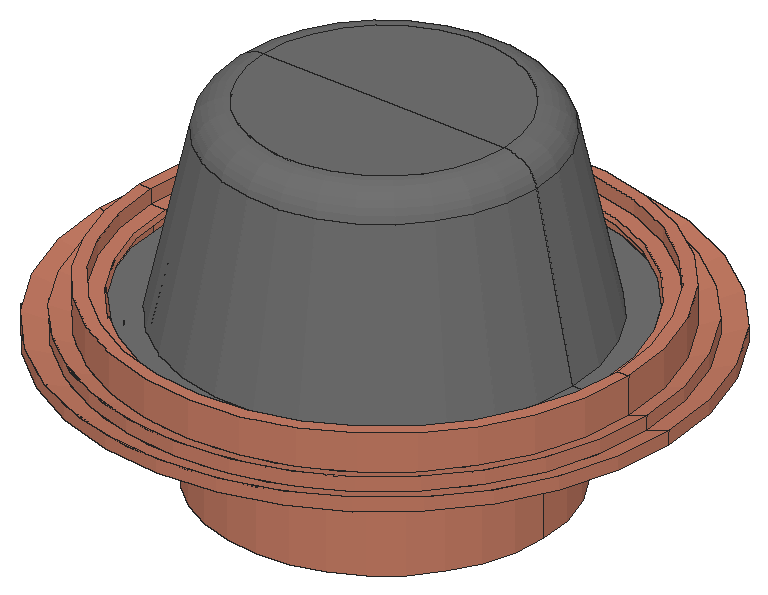
Revit family
Parameters (values of type "1010-08")
  Weight (lb) = 31.09
  Waste Connection = no
  Warranty = "1 year material and workmanship"  # constant formula
  Vent Connection = no
  URL = "http://www.jrsmith.com"
  Threaded = yes
  Technical and Installation = "http://www.jrsmith.com/products/roof/tech_data_index.htm"
  SmartBIM Object Version = 3  # constant formula
  SmartBIM Object Created By = "Reed Construction Data"  # constant formula
  Push On = yes
  Product URL = "http://www.jrsmith.com/products/roof/submittal/d1010.pdf"
  Outlet Diameter = 0' - 8"
  OmniClass Title = "Roof Drains"  # constant formula
  OmniClass Code = "22-22 14 26 13"  # constant formula
  No Hub = yes
  Model = "1010"  # constant formula
  Material Finish = Cast Iron
  Material = Duco coated
  Manufacturer = "Jay R. Smith Mfg. Co. "  # constant formula
  HW Connection = no
  Drain Outlet Radius = Outlet Diameter / 2  # 0' - 4"
  Dome Free Area = "8\""
  Description = "Cast iron body with combined flashing clamp and gravel stop with dome"  # constant formula
  Default Elevation = 0' - 0"
  D Diameter = 1' - 3 1/4"
  Caulk = yes
  CW Connection = no
  Assembly Code = "D2040200"
  95 CSI = "15165"  # constant formula
  04 CSI = "22 14 35"  # constant formula
Types (7): name | Weight (lb) | Outlet Diameter | Drain Outlet Radius | Dome Free Area
  (no name) | 31.09 | 0' - 8" | 0' - 4" | "8\""
  1010-02 | 26.89 | 0' - 2" | 0' - 1" | "2\""
  1010-03 | 26.32 | 0' - 3" | 0' - 1 1/2" | "3\""
  1010-04 | 24.94 | 0' - 4" | 0' - 2" | "4\""
  1010-05 | 26.8 | 0' - 5" | 0' - 2 1/2" | "5\""
  1010-06 | 25.24 | 0' - 6" | 0' - 3" | "6\""
  1010-08 | 31.09 | 0' - 8" | 0' - 4" | "8\""
Reference planes (in)
  plane 1 "Center (Front/Back)": y = 0
  plane 2: z = 0
  plane 3 "Center (Left/Right)": x = 2.3241
  plane 4: x = -5.3009
  plane 5: x = 9.9491
  plane 6: z = -3.42357
  plane 7: z = 0.32643
  plane 8: z = 5.57643
  plane 9: x = 6.3241
Forms (in)
  Revolve 1, solid, material "Cast Iron" <- "Material Finish"
    sketch origin (0, 0, 0) x (1, 0, 0) y (0, 0, 1)
      loop
        line (6.61067, -1.37241) -> (6.78724, -1.37241)
        arc (6.78724, -1.37241) -> (6.95499, -1.3013) -> (7.02754, -1.13417) r 0.24552
        arc (7.02754, -1.13417) -> (7.1014, -0.99107) -> (7.25411, -0.93996) r 0.21404
        line (7.25411, -0.93996) -> (7.98046, -0.93996) -> (8.02306, -0.66205) -> (9.9491, -0.01223) -> (9.9491, 0.32643) -> (9.36325, 0.14118) -> (9.36325, 0.4927) -> (8.88092, 0.33733) -> (8.88092, 1.26952) -> (8.57019, 1.26952) -> (8.57019, 0.907) -> (8.18178, 0.907) -> (8.13323, 0.79048) -> (8.5169, 0.6158) -> (8.5169, 0.18281) -> (8.39095, 0.18281) -> (8.39095, 0.35028) -> (8.0685, 0.35028) -> (8.0685, 0.10429) -> (7.3706, 0.10429) -> (7.3706, -0.45929)
        arc (7.3706, -0.45929) -> (7.30513, -0.61086) -> (7.15228, -0.67327) r 0.21836
        line (7.15228, -0.67327) -> (7.07753, -0.67377)
        arc (7.07753, -0.67377) -> (6.9224, -0.73165) -> (6.84975, -0.88043) r 0.22334
        arc (6.84975, -0.88043) -> (6.77122, -1.01288) -> (6.62318, -1.05521) r 0.2083
        line (6.62318, -1.05521) -> (6.3241, -1.05521) -> (6.3241, -3.42357) -> (6.61067, -3.42357) -> (6.61067, -1.37241)
      axis (2.3241, -3.42357) -> (2.3241, 1.26952)
    angle from 0 to 360
  Revolve 2, solid, material "Duco coated" <- "Material"
    sketch origin (0, 0, 0) x (1, 0, 0) y (0, 0, 1)
      loop
        arc (6.4018, 4.89179) -> (6.09505, 5.38415) -> (5.54776, 5.57643) r 0.875
        line (5.54776, 5.57643) -> (2.3241, 5.57643) -> (2.3241, 5.18802) -> (5.63989, 5.18802)
        arc (5.63989, 5.18802) -> (5.91598, 5.09191) -> (6.07269, 4.84512) r 0.44459
        line (6.07269, 4.84512) -> (7.1865, 0.10429) -> (7.8185, 0.10429) -> (7.8185, 0.35028) -> (8.26751, 0.35028) -> (8.26751, 0.4959) -> (7.38161, 0.4959) -> (6.4018, 4.89179)
      axis (2.3241, 5.57643) -> (2.3241, 0.10429)
    angle from 0 to 360
Lines and regions (in)
  model lines
    curve 1: line (7.41589, -0.19474, 0.4959) -> (6.51845, -0.19474, 4.47583)
    curve 2: line (6.51845, 0.22008, 4.47583) -> (7.41589, 0.22008, 0.4959)
    curve 3: arc (6.51845, 0.22008, 4.47583) -> (6.47282, 0.01267, 4.67816) -> (6.51845, -0.19474, 4.47583) r 0.20741
    curve 7: line (7.28701, -1.15485, 0.4959) -> (6.40579, -0.98501, 4.47583)
    curve 8: line (6.4843, -0.57769, 4.47583) -> (7.36552, -0.74753, 0.4959)
    curve 9: arc (6.4843, -0.57769, 4.47583) -> (6.40025, -0.77271, 4.67816) -> (6.40579, -0.98501, 4.47583) r 0.20741
    curve 10: line (7.36073, 0.7724, 0.4959) -> (6.4795, 0.60256, 4.47583)
    curve 11: line (6.401, 1.00988, 4.47583) -> (7.28222, 1.17973, 0.4959)
    curve 12: arc (6.401, 1.00988, 4.47583) -> (6.39545, 0.79759, 4.67816) -> (6.4795, 0.60256, 4.47583) r 0.20741
    curve 13: line (7.12353, 1.71163, 0.4959) -> (6.29038, 1.37809, 4.47583)
    curve 14: line (6.1362, 1.76319, 4.47583) -> (6.96936, 2.09674, 0.4959)
    curve 15: arc (6.1362, 1.76319, 4.47583) -> (6.17093, 1.55368, 4.67816) -> (6.29038, 1.37809, 4.47583) r 0.20741
    curve 16: line (6.71287, 2.589, 0.4959) -> (5.95789, 2.1038, 4.47583)
    curve 17: line (5.73363, 2.45277, 4.47583) -> (6.4886, 2.93797, 0.4959)
    curve 18: arc (5.73363, 2.45277, 4.47583) -> (5.80738, 2.25362, 4.67816) -> (5.95789, 2.1038, 4.47583) r 0.20741
    curve 19: line (6.14359, 3.37279, 0.4959) -> (5.49408, 2.75349, 4.47583)
    curve 20: line (5.20782, 3.05371, 4.47583) -> (5.85733, 3.67301, 0.4959)
    curve 21: arc (5.20782, 3.05371, 4.47583) -> (5.31793, 2.87211, 4.67816) -> (5.49408, 2.75349, 4.47583) r 0.20741
    curve 22: line (5.43626, 4.03468, 0.4959) -> (4.91569, 3.30365, 4.47583)
    curve 23: line (4.57779, 3.54427, 4.47583) -> (5.09836, 4.2753, 0.4959)
    curve 24: arc (4.57779, 3.54427, 4.47583) -> (4.72028, 3.3868, 4.67816) -> (4.91569, 3.30365, 4.47583) r 0.20741
    curve 25: line (4.61645, 4.55075, 0.4959) -> (4.24364, 3.73441, 4.47583)
    curve 26: line (3.86631, 3.90673, 4.47583) -> (4.23912, 4.72307, 0.4959)
    curve 27: arc (3.86631, 3.90673, 4.47583) -> (4.03602, 3.77907, 4.67816) -> (4.24364, 3.73441, 4.47583) r 0.20741
    curve 28: line (3.71379, 4.90234, 0.4959) -> (3.50221, 4.0302, 4.47583)
    curve 29: line (3.09908, 4.128, 4.47583) -> (3.31066, 5.00014, 0.4959)
    curve 30: arc (3.09908, 4.128, 4.47583) -> (3.28989, 4.03476, 4.67816) -> (3.50221, 4.0302, 4.47583) r 0.20741
    curve 31: line (2.7609, 5.07675, 0.4959) -> (2.7182, 4.18033, 4.47583)
    curve 32: line (2.30385, 4.20007, 4.47583) -> (2.34655, 5.09649, 0.4959)
    curve 33: arc (2.30385, 4.20007, 4.47583) -> (2.50885, 4.14463, 4.67816) -> (2.7182, 4.18033, 4.47583) r 0.20741
    curve 34: line (1.79223, 5.06767, 0.4959) -> (1.91994, 4.17937, 4.47583)
    curve 35: line (1.50935, 4.12033, 4.47583) -> (1.38163, 5.00864, 0.4959)
    curve 36: arc (1.50935, 4.12033, 4.47583) -> (1.72114, 4.10469, 4.67816) -> (1.91994, 4.17937, 4.47583) r 0.20741
    curve 37: line (0.84277, 4.87544, 0.4959) -> (1.1363, 4.02735, 4.47583)
    curve 38: line (0.74429, 3.89168, 4.47583) -> (0.45077, 4.73976, 0.4959)
    curve 39: arc (0.74429, 3.89168, 4.47583) -> (0.95522, 3.9164, 4.67816) -> (1.1363, 4.02735, 4.47583) r 0.20741
    curve 40: line (-0.05314, 4.50699, 0.4959) -> (0.39558, 3.72978, 4.47583)
    curve 41: line (0.03634, 3.52237, 4.47583) -> (-0.41238, 4.29958, 0.4959)
    curve 42: arc (0.03634, 3.52237, 4.47583) -> (0.23877, 3.58657, 4.67816) -> (0.39558, 3.72978, 4.47583) r 0.20741
    curve 43: line (-0.86313, 3.97564, 0.4959) -> (-0.27543, 3.29741, 4.47583)
    curve 44: line (-0.58893, 3.02576, 4.47583) -> (-1.17663, 3.70399, 0.4959)
    curve 45: arc (-0.58893, 3.02576, 4.47583) -> (-0.40231, 3.1271, 4.67816) -> (-0.27543, 3.29741, 4.47583) r 0.20741
    curve 46: line (-1.55793, 3.30061, 0.4959) -> (-0.85249, 2.74585, 4.47583)
    curve 47: line (-1.10892, 2.41978, 4.47583) -> (-1.81436, 2.97454, 0.4959)
    curve 48: arc (-1.10892, 2.41978, 4.47583) -> (-0.94484, 2.55461, 4.67816) -> (-0.85249, 2.74585, 4.47583) r 0.20741
    curve 49: line (-2.11242, 2.50629, 0.4959) -> (-1.31475, 2.09506, 4.47583)
    curve 50: line (-1.50483, 1.72635, 4.47583) -> (-2.3025, 2.13758, 0.4959)
    curve 51: arc (-1.50483, 1.72635, 4.47583) -> (-1.36923, 1.8898, 4.67816) -> (-1.31475, 2.09506, 4.47583) r 0.20741
    curve 52: line (-2.50657, 1.62138, 0.4959) -> (-1.64548, 1.36854, 4.47583)
    curve 53: line (-1.76235, 0.97052, 4.47583) -> (-2.62343, 1.22336, 0.4959)
    curve 54: arc (-1.76235, 0.97052, 4.47583) -> (-1.66014, 1.15668, 4.67816) -> (-1.64548, 1.36854, 4.47583) r 0.20741
    curve 55: line (-2.72612, 0.67787, 0.4959) -> (-1.83274, 0.59256, 4.47583)
    curve 56: line (-1.87217, 0.17962, 4.47583) -> (-2.76555, 0.26492, 0.4959)
    curve 57: arc (-1.87217, 0.17962, 4.47583) -> (-1.80704, 0.38175, 4.67816) -> (-1.83274, 0.59256, 4.47583) r 0.20741
    curve 58: line (-2.76314, -0.29014, 0.4959) -> (-1.86976, -0.20484, 4.47583)
    curve 59: line (-1.83033, -0.61778, 4.47583) -> (-2.72371, -0.70309, 0.4959)
    curve 60: arc (-1.83033, -0.61778, 4.47583) -> (-1.80463, -0.40697, 4.67816) -> (-1.86976, -0.20484, 4.47583) r 0.20741
    curve 61: line (-2.6163, -1.24767, 0.4959) -> (-1.75521, -0.99483, 4.47583)
    curve 62: line (-1.63834, -1.39285, 4.47583) -> (-2.49943, -1.64568, 0.4959)
    curve 63: arc (-1.63834, -1.39285, 4.47583) -> (-1.653, -1.18098, 4.67816) -> (-1.75521, -0.99483, 4.47583) r 0.20741
    curve 64: line (-2.2909, -2.1601, 0.4959) -> (-1.49322, -1.74886, 4.47583)
    curve 65: line (-1.30314, -2.11757, 4.47583) -> (-2.10081, -2.5288, 0.4959)
    curve 66: arc (-1.30314, -2.11757, 4.47583) -> (-1.35763, -1.91231, 4.67816) -> (-1.49322, -1.74886, 4.47583) r 0.20741
    curve 67: line (-1.7987, -2.99445, 0.4959) -> (-1.09326, -2.43969, 4.47583)
    curve 68: line (-0.83684, -2.76576, 4.47583) -> (-1.54227, -3.32052, 0.4959)
    curve 69: arc (-0.83684, -2.76576, 4.47583) -> (-0.92919, -2.57453, 4.67816) -> (-1.09326, -2.43969, 4.47583) r 0.20741
    curve 70: line (-1.15749, -3.72058, 0.4959) -> (-0.56979, -3.04234, 4.47583)
    curve 71: line (-0.25629, -3.31399, 4.47583) -> (-0.84399, -3.99223, 0.4959)
    curve 72: arc (-0.25629, -3.31399, 4.47583) -> (-0.38316, -3.14369, 4.67816) -> (-0.56979, -3.04234, 4.47583) r 0.20741
    curve 73: line (-0.39045, -4.31224, 0.4959) -> (0.05827, -3.53504, 4.47583)
    curve 74: line (0.41752, -3.74245, 4.47583) -> (-0.0312, -4.51965, 0.4959)
    curve 75: arc (0.41752, -3.74245, 4.47583) -> (0.26071, -3.59923, 4.67816) -> (0.05827, -3.53504, 4.47583) r 0.20741
    curve 76: line (0.47471, -4.74805, 0.4959) -> (0.76823, -3.89997, 4.47583)
    curve 77: line (1.16024, -4.03564, 4.47583) -> (0.86671, -4.88372, 0.4959)
    curve 78: arc (1.16024, -4.03564, 4.47583) -> (0.97916, -3.92469, 4.67816) -> (0.76823, -3.89997, 4.47583) r 0.20741
    curve 79: line (1.4067, -5.01224, 0.4959) -> (1.53442, -4.12394, 4.47583)
    curve 80: line (1.94502, -4.18297, 4.47583) -> (1.8173, -5.07128, 0.4959)
    curve 81: arc (1.94502, -4.18297, 4.47583) -> (1.74621, -4.1083, 4.67816) -> (1.53442, -4.12394, 4.47583) r 0.20741
    curve 82: line (2.37185, -5.09528, 0.4959) -> (2.32915, -4.19886, 4.47583)
    curve 83: line (2.7435, -4.17912, 4.47583) -> (2.7862, -5.07555, 0.4959)
    curve 84: arc (2.7435, -4.17912, 4.47583) -> (2.53416, -4.14342, 4.67816) -> (2.32915, -4.19886, 4.47583) r 0.20741
    curve 85: line (3.33528, -4.99417, 0.4959) -> (3.1237, -4.12203, 4.47583)
    curve 86: line (3.52683, -4.02423, 4.47583) -> (3.73841, -4.89637, 0.4959)
    curve 87: arc (3.52683, -4.02423, 4.47583) -> (3.31451, -4.02879, 4.67816) -> (3.1237, -4.12203, 4.47583) r 0.20741
    curve 88: line (4.26216, -4.71255, 0.4959) -> (3.88935, -3.89621, 4.47583)
    curve 89: line (4.26668, -3.72389, 4.47583) -> (4.63949, -4.54023, 0.4959)
    curve 90: arc (4.26668, -3.72389, 4.47583) -> (4.05906, -3.76855, 4.67816) -> (3.88935, -3.89621, 4.47583) r 0.20741
    curve 91: line (5.11899, -4.26061, 0.4959) -> (4.59843, -3.52958, 4.47583)
    curve 92: line (4.93633, -3.28896, 4.47583) -> (5.45689, -4.01999, 0.4959)
    curve 93: arc (4.93633, -3.28896, 4.47583) -> (4.74091, -3.3721, 4.67816) -> (4.59843, -3.52958, 4.47583) r 0.20741
    curve 94: line (5.87481, -3.65468, 0.4959) -> (5.2253, -3.03537, 4.47583)
    curve 95: line (5.51156, -2.73515, 4.47583) -> (6.16107, -3.35446, 0.4959)
    curve 96: arc (5.51156, -2.73515, 4.47583) -> (5.33541, -2.85378, 4.67816) -> (5.2253, -3.03537, 4.47583) r 0.20741
    curve 97: line (6.5023, -2.91666, 0.4959) -> (5.74732, -2.43146, 4.47583)
    curve 98: line (5.97159, -2.08249, 4.47583) -> (6.72656, -2.56769, 0.4959)
    curve 99: arc (5.97159, -2.08249, 4.47583) -> (5.82107, -2.23231, 4.67816) -> (5.74732, -2.43146, 4.47583) r 0.20741
    curve 100: line (6.97877, -2.07322, 0.4959) -> (6.14562, -1.73968, 4.47583)
    curve 101: line (6.29979, -1.35457, 4.47583) -> (7.13294, -1.68811, 0.4959)
    curve 102: arc (6.29979, -1.35457, 4.47583) -> (6.18035, -1.53017, 4.67816) -> (6.14562, -1.73968, 4.47583) r 0.20741
  model lines, not visible
    curve 4: line (7.41589, -0.19474, 0.4959) -> (6.51845, -0.19474, 4.47583)
    curve 5: line (6.51845, 0.22008, 4.47583) -> (7.41589, 0.22008, 0.4959)
    curve 6: arc (6.51845, 0.22008, 4.47583) -> (6.47282, 0.01267, 4.67816) -> (6.51845, -0.19474, 4.47583) r 0.20741
Dimensions and locks (in)
  equal spacing: plane 4, plane 3 "Center (Left/Right)", plane 5
  "D Diameter": plane 4 to plane 5
  plane 7 to plane 6 = 0' - 3 3/4"
  plane 8 to plane 7 = 0' - 5 1/4"
  locked: Revolve 1 sketch curve to Revolve 1 sketch curve at 2.5785
  "Drain Outlet Radius": plane 3 "Center (Left/Right)" to plane 9
  aligned and locked: Revolve 1 sketch curve to plane 5
  aligned and locked: Revolve 2 sketch curve to plane 3 "Center (Left/Right)"
  aligned and locked: plane 3 "Center (Left/Right)" to Revolve 1 sketch curve
  aligned and locked: plane 9 to Revolve 1 sketch curve
Automatic sketch dimensions
  Revolve 1 sketch curve to plane 6 = 0' - 0"
  Revolve 1 sketch curve to level = 0' - 1.05521"
  Revolve 1 sketch curve to Revolve 1 sketch curve = 0' - 0.02082"
  Revolve 1 sketch curve to Revolve 1 sketch curve = 0' - 0.15895"
  Revolve 1 sketch curve to Revolve 1 sketch curve = 0' - 0.00511"
  Revolve 1 sketch curve to Revolve 1 sketch curve = 0' - 0.20576"
  Revolve 1 sketch curve to Revolve 1 sketch curve = 0' - 0.24541"
  Revolve 1 sketch curve to Revolve 1 sketch curve = 0' - 0.22272"
  Revolve 1 sketch curve to Revolve 1 sketch curve = 0' - 0.00506"
  Revolve 1 sketch curve to level = 0' - 0.67327"
  Revolve 1 sketch curve to Revolve 1 sketch curve = 0' - 0.07475"
  Revolve 1 sketch curve to Revolve 1 sketch curve = 0' - 0.21316"
  Revolve 1 sketch curve to Revolve 1 sketch curve = 0' - 0.18164"
  Revolve 1 sketch curve to Revolve 1 sketch curve = 0' - 0.21832"
  Revolve 1 sketch curve to Revolve 1 sketch curve = 0' - 0.6979"
  Revolve 1 sketch curve to Revolve 1 sketch curve = 0' - 0.06473"
  Revolve 1 sketch curve to Revolve 1 sketch curve = 0' - 0.04855"
  Revolve 1 sketch curve to plane 7 = 0' - 0.98849"
  Revolve 1 sketch curve to Revolve 1 sketch curve = 0' - 0.04544"
  Revolve 1 sketch curve to Revolve 1 sketch curve = 0' - 0.32245"
  Revolve 1 sketch curve to Revolve 1 sketch curve = 0' - 0.12595"
  Revolve 1 sketch curve to Revolve 1 sketch curve = 0' - 0.05329"
  Revolve 1 sketch curve to Revolve 1 sketch curve = 0' - 0.31073"
  plane 5 to Revolve 1 sketch curve = 0' - 0.58585"
  Revolve 1 sketch curve to plane 6 = 0' - 1 1/4"
  Revolve 1 sketch curve to Revolve 1 sketch curve = 0' - 0.3172"
  Revolve 1 sketch curve to Revolve 1 sketch curve = 0' - 0.01942"
  Revolve 1 sketch curve to Revolve 1 sketch curve = 0' - 0.04291"
  Revolve 1 sketch curve to Revolve 1 sketch curve = 0' - 0.01663"
  Revolve 1 sketch curve to Revolve 1 sketch curve = 0' - 0.21399"
  Revolve 1 sketch curve to plane 7 = 0' - 0.33867"
  Revolve 1 sketch curve to plane 7 = 0' - 0.22215"
  Revolve 1 sketch curve to Revolve 1 sketch curve = 0' - 0.15342"
  Revolve 1 sketch curve to Revolve 1 sketch curve = 0' - 0.07852"
  Revolve 1 sketch curve to Revolve 1 sketch curve = 0' - 0.15452"
  Revolve 1 sketch curve to Revolve 1 sketch curve = 0' - 0.24599"
  Revolve 1 sketch curve to Revolve 1 sketch curve = 0' - 0.35151"
  Revolve 1 sketch curve to Revolve 1 sketch curve = 0' - 0.26552"
  Revolve 1 sketch curve to Revolve 1 sketch curve = 0' - 0.17468"
  Revolve 1 sketch curve to Revolve 1 sketch curve = 0' - 0.11652"
  Revolve 1 sketch curve to Revolve 1 sketch curve = 0' - 0.36252"
  plane 8 to Revolve 1 sketch curve = 0' - 2 1/2"
  Revolve 1 sketch curve to Revolve 1 sketch curve = 0' - 0.33867"
  Revolve 1 sketch curve to Revolve 1 sketch curve = 0' - 0.72635"
  Revolve 1 sketch curve to Revolve 1 sketch curve = 0' - 0.48031"
  Revolve 1 sketch curve to Revolve 1 sketch curve = 0' - 0.28657"
  Revolve 2 sketch curve to plane 3 "Center (Left/Right)" = 0' - 0"
  Revolve 2 sketch curve to plane 8 = 0' - 0"
  level to Revolve 2 sketch curve = 0' - 0.10429"
  Revolve 2 sketch curve to Revolve 2 sketch curve = 0' - 3.22366"
  Revolve 2 sketch curve to Revolve 2 sketch curve = 0' - 0.09213"
  Revolve 2 sketch curve to Revolve 2 sketch curve = 0' - 0.4328"
  Revolve 2 sketch curve to plane 8 = 0' - 0.68464"
  Revolve 2 sketch curve to Revolve 2 sketch curve = 0' - 0.32911"
  plane 5 to Revolve 2 sketch curve = 0' - 2.7626"
  Revolve 2 sketch curve to Revolve 2 sketch curve = 0' - 0.1951"
  Revolve 2 sketch curve to Revolve 2 sketch curve = 0' - 0.43689"
  Revolve 2 sketch curve to Revolve 2 sketch curve = 0' - 0.44901"
  plane 7 to Revolve 2 sketch curve = 0' - 0.02385"
  Revolve 2 sketch curve to plane 6 = 3' - 7.23199"
  Revolve 2 sketch curve to Revolve 2 sketch curve = 0' - 0.14562"
  Revolve 2 sketch curve to Revolve 2 sketch curve = 0' - 0.042"
  Revolve 2 sketch curve to Revolve 2 sketch curve = 0' - 0.04667"
  plane 8 to Revolve 2 sketch curve = 7' - 5.4886"
Connectors (in)
  piping at (2.3241, 0, -3.42357), driven by "Drain Outlet Radius"
    settings: on Revolve 1, index 1
